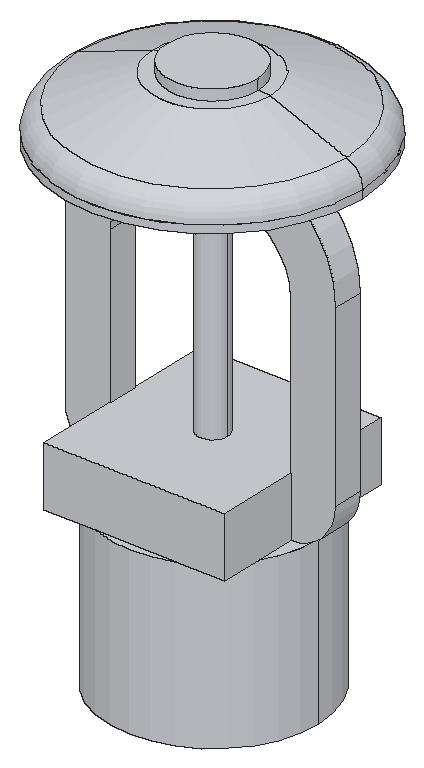
Revit family
Parameters (values of type "RASCO F1FR56-300 UPRIGHT")
  URL = ""
  Temperature Rating = 200 °F
  Response = 1
  RASCO SIN # = "RA2625"
  RASCO Part # = "F1FR56U2W3"
  Pressure Rating = "300 PSI"
  Pressure Class = 1
  Orifice Size = 1/2"
  Orifice = (empty or 0)
  Model = "F1FR56-300"
  Manufacturer = "RASCO"
  K-Factor = 5.6
  Description = "White Finish"
  Coverage = (empty or 0)
Reference planes (in)
  plane 1 "Center (Front/Back)": y = 0
  plane 2: z = 0
  plane 3 "Center (Left/Right)": x = 0
Nested families (in)
  nested 1: "F1FR56U2W3" at (-0.18549, -0.0944, 0), type "RASCO F1FR56-300 UPRIGHT"
Connectors (in)
  piping at (-0.18549, -0.0944, 0)
    settings: on nested 1, index 1, connector radius 115/256", flow factor 0, pipe flow 0 GPM, pressure drop 0.00 psi, fitting loss kfactor 0, connector angle 0.00°, fixture units 0, flow configuration 0, flow direction 0, fitting loss method 0, system type 7, connector reference index -1, connector utility 0, adjustable connector no, is connector primary yes, fitting loss table "", connector description ""
Definition of nested family "F1FR56U2W3"
  Parameters (values of type "RASCO F1FR56-300 UPRIGHT")
    Type Comments = ""
    Temperature Rating = 0 °F
    Response = (empty or 0)
    Pressure Rating = "0"
    Pressure Class = (empty or 0)
    Orifice Size = 0"
    Orifice = (empty or 0)
    Model = ""
    Manufacturer = ""
    K-Factor = 0
    Description = ""
    Coverage = (empty or 0)
    Assembly Code = ""
  Reference planes (in)
    plane 1 "Center (Front/Back)": y = 0
    plane 2: z = 0
    plane 3 "ref.2": z = 0.6875
    plane 4 "ref.3": z = 0.9375
    plane 5: x = -0.38065
    plane 6: x = 0.36935
    plane 7 "ref. side 1": y = 0.06402
    plane 8 "ref. side 2": y = -0.06098
    plane 9 "ref.4": z = 1.875
    plane 10 "ref.5": z = 2.3125
    plane 11 "ref.6": z = 2.4375
  Forms (in)
    Extrusion 1, solid
      sketch origin (0, 0, 0) x (1, 0, 0) y (0, 1, 0)
        loop
          circle (0, 0) r 0.4375
      from 0 to 0.6875
    Extrusion 2, solid
      sketch origin (-0.12185, 0.05177, 0.6875) x (1, 0, 0) y (0, 1, 0)
        loop
          line (-0.2588, 0.356) -> (-0.2588, -0.4565) -> (0.4912, -0.4565) -> (0.4912, 0.356) -> (-0.2588, 0.356)
      from 0 to 0.25
    Extrusion 3, solid
      sketch origin (0, 0, 0) x (1, 0, 0) y (0, 0, 1)
        loop
          line (-0.38065, 0.68754) -> (-0.38065, 1.58397)
          arc (-0.38065, 1.58397) -> (-0.29541, 1.78976) -> (-0.08962, 1.875) r 0.29103
          line (-0.08962, 1.875) -> (0.07524, 1.875)
          arc (0.07524, 1.875) -> (0.28321, 1.78886) -> (0.36935, 1.58089) r 0.29411
          line (0.36935, 1.58089) -> (0.36935, 0.68751)
          arc (0.36935, 0.68751) -> (0.50207, 0.74393) -> (0.55685, 0.87734) r 0.18984
          line (0.55685, 0.87734) -> (0.55685, 1.61676)
          arc (0.55685, 1.61676) -> (0.42629, 1.93194) -> (0.11111, 2.0625) r 0.44574
          line (0.11111, 2.0625) -> (-0.12259, 2.0625)
          arc (-0.12259, 2.0625) -> (-0.43765, 1.932) -> (-0.56815, 1.61694) r 0.44556
          line (-0.56815, 1.61694) -> (-0.56815, 0.87876)
          arc (-0.56815, 0.87876) -> (-0.51345, 0.74486) -> (-0.38065, 0.68754) r 0.19126
      from -0.06402 to 0.06098
    Extrusion 4, solid
      sketch origin (0, 0, 0.9375) x (-1, 0, 0) y (0, -1, 0)
        loop
          circle (0.00574, -0.00152) r 0.0625
      from 0 to 0.9375
    Extrusion 5, solid
      sketch origin (0, 0, 1.875) x (-1, 0, 0) y (0, -1, 0)
        loop
          circle (0.00574, -0.00152) r 0.1875
      from 0 to 0.4375
    Revolve 6, solid
      sketch origin (0, 0, -0.31276) x (1, 0, 0) y (0, 0, 1)
        loop
          line (-0.19324, 2.33367) -> (-0.19324, 2.58367) -> (-0.24995, 2.58367) -> (-0.56395, 2.46314)
          arc (-0.56395, 2.46314) -> (-0.61243, 2.42492) -> (-0.63074, 2.36595) r 0.1041
          line (-0.63074, 2.36595) -> (-0.63074, 2.33367) -> (-0.19324, 2.33367)
        axis (-0.00574, 2.33367) -> (-0.00574, 2.58367)
      angle from 0 to 360
  Cuts and joins
    joined: Extrusion 1, Extrusion 2, Extrusion 4, Revolve 6
  Lines and regions (in)
    model lines
      curve 1: line (-0.00574, 0.06402, 1.875) -> (-0.00574, -0.06098, 1.875)
